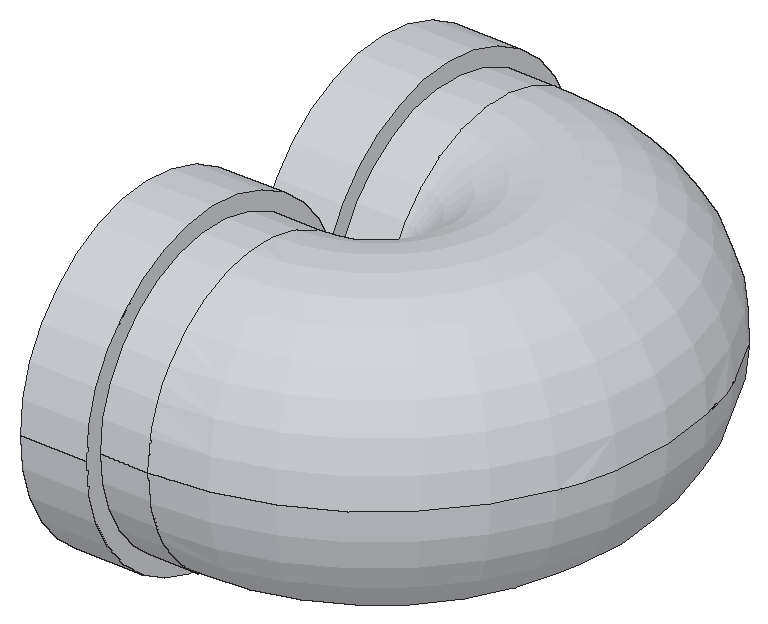
Revit family "c8cc5452de474f9588645cf365d49a2e", category Pipe Fittings, Revit 2021
Family settings
  Round Connector Dimension = Use Radius
  Part Type = Multi Port
  OmniClass Number = 23.60.30.11.14
  OmniClass Title = Pipework Fittings
  Seek Item ID = Return Bend Closed-Pattern - Threaded - MI - Class 150-0000-USA-ENU
  Work Plane-Based = No
  Always vertical = Yes
  Cut with Voids When Loaded = No
  Shared = No
Parameters (values of type "Standard")
  Tick Size [instance] = Fitting Outside Diameter * 0.4  # 0.42835"
  Thread Length [instance] = size_lookup(Lookup Table Name, "TLgt", 0.19 * Nominal Diameter + 97/256", Nominal Diameter)  # 0.42913"
  Nominal Radius [instance] = 1/4"
  Nominal Diameter [instance] = Nominal Radius * 2  # 1/2"
  Metal Thickness [instance] = size_lookup(Lookup Table Name, "MThk", 0.06 * Nominal Diameter + 23/256", Nominal Diameter)  # 0.11614"
  Loss Method = Not Defined
  Lookup Table Name = "Return Bend Closed-Pattern - Threaded - MI - Class 150"
  Length 1 [instance] = Fitting Inside Diameter + 2 * Metal Thickness + 1/32"  # 1.10212"
  Half Center to Center [instance] = 0.5 * Center to Center  # 0.55106"
  Fitting Outside Radius [instance] = Fitting Outside Diameter / 2  # 0.53543"
  Fitting Outside Diameter [instance] = Fitting Inside Diameter + Metal Thickness * 2  # 1.07087"
  Fitting Inside Diameter [instance] = size_lookup(Lookup Table Name, "FID", 1.06 * Nominal Diameter + 61/256", Nominal Diameter)  # 0.83858"
  Default Elevation = 0' - 0"
  Center to Center [instance] = if(Center to Center 1 > Fitting Inside Diameter + 2 * Metal Thickness, Center to Center 1, Length 1)  # 1.10212"
  Center to Center 1 [instance] = size_lookup(Lookup Table Name, "CtC", 1.18 * Nominal Diameter + 5/16", Nominal Diameter)  # 1"
  Band Width [instance] = size_lookup(Lookup Table Name, "BWid", 0.12 * Nominal Diameter + 23/128", Nominal Diameter)  # 0.24803"
  Band Outside Radius [instance] = Band Outside Diameter / 2  # 0.59843"
  Band Outside Diameter [instance] = size_lookup(Lookup Table Name, "BOD", 1.22 * Nominal Diameter + 67/128", Nominal Diameter)  # 1.19685"
Reference planes (in)
  plane 1 "Center (Front/Back)": y = 0
  plane 2: z = 0
  plane 3 "Center (Left/Right)": x = 0
  plane 4: y = -1.10212
  plane 5: x = 0.24803
  plane 6: x = 0.42913
  plane 7: y = -0.55106
Forms (in)
  Sweep 1, solid, detail levels fine
    path origin (0, 0, 0) x (1, 0, 0) y (0, 1, 0)
      loop
        line (0, 0) -> (0.24803, 0)
    profile origin (0.12402, 0, 0) x (0, 1, 0) y (0, 0, 1)
      loop
        circle (0, 0) r 0.59843
  Sweep 2, solid, detail levels fine
    path origin (0, 0, 0) x (1, 0, 0) y (0, 1, 0)
      loop
        line (0, -1.10212) -> (0.24803, -1.10212)
    profile origin (0.12402, -1.10212, 0) x (0, 1, 0) y (0, 0, 1)
      loop
        circle (0, 0) r 0.59843
  Sweep 3, solid, detail levels fine
    path origin (0, 0, 0) x (1, 0, 0) y (0, 1, 0)
      loop
        line (0.24803, 0) -> (0.42913, 0)
        arc (0.42913, 0) -> (0.98019, -0.55106) -> (0.42913, -1.10212) r 0.55106
        line (0.42913, -1.10212) -> (0.24803, -1.10212)
    profile origin (0.98019, -0.55106, 0) x (1, 0, 0) y (0, 0, 1)
      loop
        circle (0, 0) r 0.53543
Cuts and joins
  joined: Sweep 1, Sweep 2, Sweep 3
Lines and regions (in)
  model lines, detail levels coarse+medium
    curve 1: line (0, -1.10212, 0) -> (0.42913, -1.10212, 0)
    curve 2: line (0, 0, 0) -> (0.42913, 0, 0)
    curve 3: arc (0.42913, 0, 0) -> (0.98019, -0.55106, 0) -> (0.42913, -1.10212, 0) r 0.55106
    curve 4: line (0, 0.42835, 0) -> (0, -0.42835, 0)
    curve 5: line (0, -0.67377, 0) -> (0, -1.53046, 0)
Dimensions and locks (in)
  "Center to Center": plane 4 to plane 1 "Center (Front/Back)"
  "Band Width": plane 3 "Center (Left/Right)" to plane 5
  "Thread Length": plane 3 "Center (Left/Right)" to plane 6
  equal spacing: plane 4, plane 7, plane 1 "Center (Front/Back)"
  "Tick Size": curve 4 to curve 2  (x2)
  "Tick Size": curve 5 to curve 1
  "Tick Size": curve 1 to curve 5
  "Band Outside Radius": radius of Sweep 1 sketch curve
  "Band Outside Radius": radius of Sweep 2 sketch curve
  "Half Center to Center": radius of Sweep 3 sketch curve
  "Fitting Outside Radius": radius of Sweep 3 sketch curve
  "Half Center to Center": radius of curve 3
  aligned and locked: plane 3 "Center (Left/Right)" to Sweep 1 sketch curve
  aligned and locked: plane 5 to Sweep 1 sketch curve
  aligned and locked: plane 1 "Center (Front/Back)" to Sweep 1 sketch curve  (x2)
  aligned and locked: plane 2 to Sweep 1 sketch curve
  aligned and locked: plane 3 "Center (Left/Right)" to Sweep 2 sketch curve
  aligned and locked: Sweep 2 sketch curve to plane 4
  aligned and locked: plane 2 to Sweep 2 sketch curve
  aligned and locked: plane 4 to Sweep 2 sketch curve
  aligned and locked: plane 7 to Sweep 3 sketch curve
  aligned and locked: plane 6 to Sweep 3 sketch curve
  aligned and locked: Sweep 1 to Sweep 3 sketch curve
  aligned and locked: plane 1 "Center (Front/Back)" to Sweep 3 sketch curve
  aligned and locked: Sweep 2 to Sweep 3 sketch curve
  aligned and locked: Sweep 3 sketch curve to plane 4
  aligned and locked: plane 7 to curve 3
  aligned and locked: plane 6 to curve 3
  aligned and locked: plane 1 "Center (Front/Back)" to curve 2
  aligned and locked: curve 1 to plane 4
  aligned and locked: curve 4 to plane 3 "Center (Left/Right)"
  aligned and locked: curve 5 to plane 3 "Center (Left/Right)"
  aligned and locked: plane 6 to curve 2
  aligned and locked: plane 6 to curve 1
Automatic sketch dimensions
  Sweep 2 sketch curve to plane 5 = 0' - 0"
  Sweep 3 sketch curve to level = 0' - 0"
  profile plane to Sweep 3 sketch curve = 0' - 0"
Connectors (in)
  piping at (0, 0, 0), diameter 0.5, driven by "Nominal Radius"
    settings: on Sweep 1, index 1, connector inside diameter 1/2", connector length 0' - 0", flow factor 0, pipe flow 0 GPM, pressure drop 0.00 psi, fitting loss kfactor 0, connector angle 0.00°, fixture units 0, engagement length 0' - 0", angle of deflection 0.00°, flow configuration 0, flow direction 0, fitting loss method 0, system type 28, joint type 0, gender type 0, connector reference index 2, connector utility 0, adjustable connector no, is connector primary yes, connector description ""
  piping at (0, -1.10212, 0), diameter 0.5, driven by "Nominal Radius"
    settings: on Sweep 2, index 2, connector inside diameter 1/2", connector length 0' - 0", flow factor 0, pipe flow 0 GPM, pressure drop 0.00 psi, fitting loss kfactor 0, connector angle 0.00°, fixture units 0, engagement length 0' - 0", angle of deflection 0.00°, flow configuration 0, flow direction 0, fitting loss method 0, system type 28, joint type 0, gender type 0, connector reference index 1, connector utility 0, adjustable connector no, is connector primary no, connector description ""
